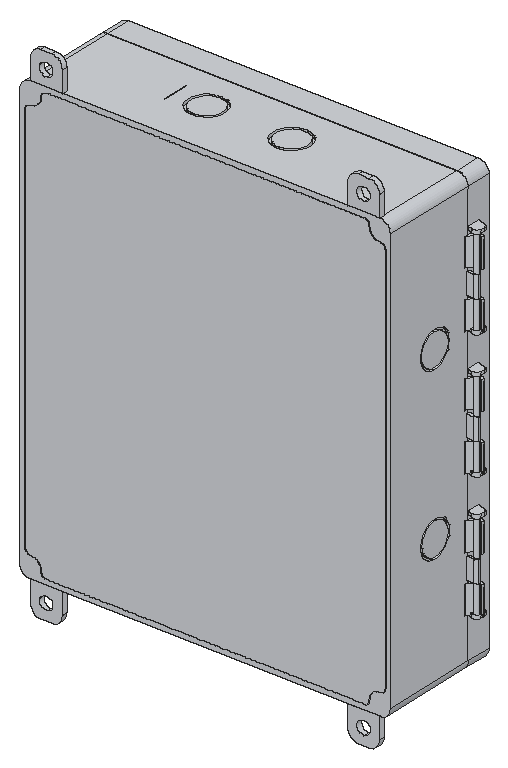
Revit family "Gas-Detectors_GSE-Generation-2-Standalone_Brasch", category Generic Models, Revit 2025
Family settings
  Can host rebar = No
  Round Connector Dimension = Use Diameter
  Part Type = Normal
  Work Plane-Based = No
  Always vertical = Yes
  Cut with Voids When Loaded = No
  Maintain Annotation Orientation = No
  Shared = No
  Room Calculation Point = No
Parameters (values of type "GSE2-ND, Nitrogen Dioxide Detector")
  WIDTH = 8.72"
  URL = "https://braschenvtech.com/"
  Specification = "https://www.arcat.com/company/brasch-environmental-technologies-52580/spec"
  Product Page URL = "https://www.arcat.com/company/brasch-environmental-technologies-52580"
  Material = Gray
  Manufacturer = "Brasch Environmental Technologies"  # constant formula
  Keynote = "28 42 15"
  Input Voltage = "24 VAC, 120 VAC"
  HEIGHT = 10.50"
  Default Elevation = 0.00"
  DEPTH = 2.90"
  Copyright = "@ARCAT"  # constant formula
  CAD Details = "https://www.arcat.com/company/brasch-environmental-technologies-52580/cad"
Types (5): name
  GSE2-CM, Carbon Monoxide Detector
  GSE2-ND, Nitrogen Dioxide Detector
  GSE2-OX, Oxygen Detector
  GSE2-NCM, Combination Detector, Nitrogen Dioxide and Carbon Monoxide
  GSE2, without any internal sensors
Reference planes (in)
  plane 1 "Center (Front/Back)": y = 0
  plane 2: z = 0
  plane 3 "Center (Left/Right)": x = 0
  plane 4: z = 0.3775
  plane 5: z = 0.4375
  plane 6: z = 0.4975
Forms (in)
  Extrusion 1, solid
    sketch origin (-4.37285, 0, 10.44843) x (0, 0, 1) y (-1, 0, 0)
      loop
        line (0.05157, -8.195) -> (0.05157, 0.025)
        arc (0.05157, 0.025) -> (-0.02165, 0.20178) -> (-0.19843, 0.275) r 0.25
        line (-0.19843, 0.275) -> (-10.19843, 0.275)
        arc (-10.19843, 0.275) -> (-10.37521, 0.20178) -> (-10.44843, 0.025) r 0.25
        line (-10.44843, 0.025) -> (-10.44843, -8.195)
        arc (-10.44843, -8.195) -> (-10.37521, -8.37178) -> (-10.19843, -8.445) r 0.25
        line (-10.19843, -8.445) -> (-0.19843, -8.445)
        arc (-0.19843, -8.445) -> (-0.02165, -8.37178) -> (0.05157, -8.195) r 0.25
      loop
        arc (-0.06843, -0.34997) -> (-0.10549, -0.26133) -> (-0.19462, -0.22546) r 0.12452
        arc (-0.19462, -0.22546) -> (-0.37407, -0.15113) -> (-0.44841, 0.02833) r 0.25379
        arc (-0.44841, 0.02833) -> (-0.48442, 0.1178) -> (-0.5734, 0.155) r 0.125
        line (-0.5734, 0.155) -> (-9.82346, 0.155)
        arc (-9.82346, 0.155) -> (-9.91244, 0.1178) -> (-9.94845, 0.02833) r 0.125
        arc (-9.94845, 0.02833) -> (-10.02279, -0.15113) -> (-10.20225, -0.22546) r 0.25379
        arc (-10.20225, -0.22546) -> (-10.29137, -0.26133) -> (-10.32843, -0.34997) r 0.12452
        line (-10.32843, -0.34997) -> (-10.32843, -7.82003)
        arc (-10.32843, -7.82003) -> (-10.29137, -7.90867) -> (-10.20225, -7.94454) r 0.12452
        arc (-10.20225, -7.94454) -> (-10.02279, -8.01887) -> (-9.94845, -8.19833) r 0.25379
        arc (-9.94845, -8.19833) -> (-9.91244, -8.2878) -> (-9.82346, -8.325) r 0.125
        line (-9.82346, -8.325) -> (-0.5734, -8.325)
        arc (-0.5734, -8.325) -> (-0.48442, -8.2878) -> (-0.44841, -8.19833) r 0.125
        arc (-0.44841, -8.19833) -> (-0.37407, -8.01887) -> (-0.19462, -7.94454) r 0.25379
        arc (-0.19462, -7.94454) -> (-0.10549, -7.90867) -> (-0.06843, -7.82003) r 0.12452
        line (-0.06843, -7.82003) -> (-0.06843, -0.34997)
    from 0 to -2.331
  Extrusion 2, solid
    sketch origin (0, 0, 0) x (1, 0, 0) y (0, 1, 0)
      loop
        line (4.1498, 2.38521) -> (4.07215, 2.276) -> (4.07215, 2.148)
        arc (4.07215, 2.148) -> (4.07469, 2.16427) -> (4.08205, 2.179) r 0.0535
        line (4.08205, 2.179) -> (4.20394, 2.35045)
        arc (4.20394, 2.35045) -> (4.25204, 2.37527) -> (4.30014, 2.35045) r 0.05902
        line (4.30014, 2.35045) -> (4.33643, 2.35045)
        arc (4.33643, 2.35045) -> (4.35667, 2.35809) -> (4.35724, 2.37971) r 0.01939
        arc (4.35724, 2.37971) -> (4.25498, 2.43774) -> (4.1498, 2.38521) r 0.125
    from 8.58333 to 9.25
  Extrusion 3, solid
    sketch origin (0, 0, -1.33333) x (1, 0, 0) y (0, 1, 0)
      loop
        line (4.1498, 2.38521) -> (4.07215, 2.276) -> (4.07215, 2.148)
        arc (4.07215, 2.148) -> (4.07469, 2.16427) -> (4.08205, 2.179) r 0.0535
        line (4.08205, 2.179) -> (4.20394, 2.35045)
        arc (4.20394, 2.35045) -> (4.25204, 2.37527) -> (4.30014, 2.35045) r 0.05902
        line (4.30014, 2.35045) -> (4.33643, 2.35045)
        arc (4.33643, 2.35045) -> (4.35667, 2.35809) -> (4.35724, 2.37971) r 0.01939
        arc (4.35724, 2.37971) -> (4.25498, 2.43774) -> (4.1498, 2.38521) r 0.125
    from 8.58333 to 9.25
  Extrusion 4, solid
    sketch origin (0, 0, -3) x (1, 0, 0) y (0, 1, 0)
      loop
        line (4.1498, 2.38521) -> (4.07215, 2.276) -> (4.07215, 2.148)
        arc (4.07215, 2.148) -> (4.07469, 2.16427) -> (4.08205, 2.179) r 0.0535
        line (4.08205, 2.179) -> (4.20394, 2.35045)
        arc (4.20394, 2.35045) -> (4.25204, 2.37527) -> (4.30014, 2.35045) r 0.05902
        line (4.30014, 2.35045) -> (4.33643, 2.35045)
        arc (4.33643, 2.35045) -> (4.35667, 2.35809) -> (4.35724, 2.37971) r 0.01939
        arc (4.35724, 2.37971) -> (4.25498, 2.43774) -> (4.1498, 2.38521) r 0.125
    from 8.58333 to 9.25
  Extrusion 5, solid
    sketch origin (0, 0, -4.33333) x (1, 0, 0) y (0, 1, 0)
      loop
        line (4.1498, 2.38521) -> (4.07215, 2.276) -> (4.07215, 2.148)
        arc (4.07215, 2.148) -> (4.07469, 2.16427) -> (4.08205, 2.179) r 0.0535
        line (4.08205, 2.179) -> (4.20394, 2.35045)
        arc (4.20394, 2.35045) -> (4.25204, 2.37527) -> (4.30014, 2.35045) r 0.05902
        line (4.30014, 2.35045) -> (4.33643, 2.35045)
        arc (4.33643, 2.35045) -> (4.35667, 2.35809) -> (4.35724, 2.37971) r 0.01939
        arc (4.35724, 2.37971) -> (4.25498, 2.43774) -> (4.1498, 2.38521) r 0.125
    from 8.58333 to 9.25
  Extrusion 6, solid
    sketch origin (0, 0, -6) x (1, 0, 0) y (0, 1, 0)
      loop
        line (4.1498, 2.38521) -> (4.07215, 2.276) -> (4.07215, 2.148)
        arc (4.07215, 2.148) -> (4.07469, 2.16427) -> (4.08205, 2.179) r 0.0535
        line (4.08205, 2.179) -> (4.20394, 2.35045)
        arc (4.20394, 2.35045) -> (4.25204, 2.37527) -> (4.30014, 2.35045) r 0.05902
        line (4.30014, 2.35045) -> (4.33643, 2.35045)
        arc (4.33643, 2.35045) -> (4.35667, 2.35809) -> (4.35724, 2.37971) r 0.01939
        arc (4.35724, 2.37971) -> (4.25498, 2.43774) -> (4.1498, 2.38521) r 0.125
    from 8.58333 to 9.25
  Extrusion 7, solid
    sketch origin (0, 0, -7.33333) x (1, 0, 0) y (0, 1, 0)
      loop
        line (4.1498, 2.38521) -> (4.07215, 2.276) -> (4.07215, 2.148)
        arc (4.07215, 2.148) -> (4.07469, 2.16427) -> (4.08205, 2.179) r 0.0535
        line (4.08205, 2.179) -> (4.20394, 2.35045)
        arc (4.20394, 2.35045) -> (4.25204, 2.37527) -> (4.30014, 2.35045) r 0.05902
        line (4.30014, 2.35045) -> (4.33643, 2.35045)
        arc (4.33643, 2.35045) -> (4.35667, 2.35809) -> (4.35724, 2.37971) r 0.01939
        arc (4.35724, 2.37971) -> (4.25498, 2.43774) -> (4.1498, 2.38521) r 0.125
    from 8.58333 to 9.25
  Extrusion 8, solid
    sketch origin (0, 0, 0) x (1, 0, 0) y (0, 1, 0)
      loop
        line (4.07215, 2.211) -> (4.27015, 2.211)
        arc (4.27015, 2.211) -> (4.31106, 2.21894) -> (4.34602, 2.24159) r 0.10938
        arc (4.34602, 2.24159) -> (4.3507, 2.26348) -> (4.33215, 2.276) r 0.02
        line (4.33215, 2.276) -> (4.30015, 2.276)
        arc (4.30015, 2.276) -> (4.25165, 2.25147) -> (4.20315, 2.276) r 0.0602
        line (4.20315, 2.276) -> (4.07215, 2.276) -> (4.07215, 2.211)
    from 7.99997 to 8.50003
  Extrusion 9, solid
    sketch origin (0, 0, -3) x (1, 0, 0) y (0, 1, 0)
      loop
        line (4.07215, 2.211) -> (4.27015, 2.211)
        arc (4.27015, 2.211) -> (4.31106, 2.21894) -> (4.34602, 2.24159) r 0.10938
        arc (4.34602, 2.24159) -> (4.3507, 2.26348) -> (4.33215, 2.276) r 0.02
        line (4.33215, 2.276) -> (4.30015, 2.276)
        arc (4.30015, 2.276) -> (4.25165, 2.25147) -> (4.20315, 2.276) r 0.0602
        line (4.20315, 2.276) -> (4.07215, 2.276) -> (4.07215, 2.211)
    from 7.99997 to 8.50003
  Extrusion 10, solid
    sketch origin (0, 0, -6) x (1, 0, 0) y (0, 1, 0)
      loop
        line (4.07215, 2.211) -> (4.27015, 2.211)
        arc (4.27015, 2.211) -> (4.31106, 2.21894) -> (4.34602, 2.24159) r 0.10938
        arc (4.34602, 2.24159) -> (4.3507, 2.26348) -> (4.33215, 2.276) r 0.02
        line (4.33215, 2.276) -> (4.30015, 2.276)
        arc (4.30015, 2.276) -> (4.25165, 2.25147) -> (4.20315, 2.276) r 0.0602
        line (4.20315, 2.276) -> (4.07215, 2.276) -> (4.07215, 2.211)
    from 7.99997 to 8.50003
  Extrusion 11, solid
    sketch origin (-4.1404, 0.12, 0.33138) x (0, 0, -1) y (-1, 0, 0)
      loop
        circle (-9.57553, -6.20256) r 0.14
      loop
        circle (-9.57553, -6.20256) r 0.05482
      loop
        circle (-9.57244, -1.5026) r 0.14
      loop
        circle (-9.57244, -1.5026) r 0.05482
      loop
        circle (-4.87594, -1.50149) r 0.14
      loop
        circle (-4.87594, -1.50149) r 0.05482
      loop
        circle (-4.87612, -6.20255) r 0.14
      loop
        circle (-4.87612, -6.20255) r 0.05482
    from 0 to 2.278
  Extrusion 12, solid
    sketch origin (-2.8954, 0.12, -3.98112) x (0, 0, -1) y (-1, 0, 0)
      loop
        circle (-4.87612, -6.20255) r 0.14
      loop
        circle (-4.87612, -6.20255) r 0.06853
      loop
        circle (-4.87612, -5.58255) r 0.14
      loop
        circle (-4.87612, -5.58255) r 0.06853
      loop
        circle (-4.87612, -2.91755) r 0.14
      loop
        circle (-4.87612, -2.91755) r 0.06853
      loop
        circle (-4.87612, -2.29755) r 0.14
      loop
        circle (-4.87612, -2.29755) r 0.06853
      loop
        circle (-4.87612, 0.98731) r 0.14
      loop
        circle (-4.87612, 0.98731) r 0.06853
      loop
        circle (-12.14112, 0.98745) r 0.14
      loop
        circle (-12.14112, 0.98745) r 0.06853
      loop
        circle (-12.14112, -6.20255) r 0.14
      loop
        circle (-12.14112, -6.20255) r 0.06853
      loop
        circle (-13.34612, -4.25005) r 0.14
      loop
        circle (-13.34612, -4.25005) r 0.06853
      loop
        circle (-13.34612, -0.96505) r 0.14
      loop
        circle (-13.34612, -0.96505) r 0.06853
      loop
        circle (-11.03862, -2.60755) r 0.14
      loop
        circle (-11.03862, -2.60755) r 0.06853
      loop
        circle (-9.48612, -0.96505) r 0.14
      loop
        circle (-9.48612, -0.96505) r 0.06853
      loop
        circle (-9.48612, -4.25005) r 0.14
      loop
        circle (-9.48612, -4.25005) r 0.06853
      loop
        circle (-9.88824, -6.211) r 0.14
      loop
        circle (-9.88824, -6.211) r 0.06853
      loop
        circle (-8.73612, -6.20255) r 0.14
      loop
        circle (-8.73612, -6.20255) r 0.06853
      loop
        circle (-8.73612, -5.58255) r 0.14
      loop
        circle (-8.73612, -5.58255) r 0.06853
      loop
        circle (-8.73612, -2.91755) r 0.14
      loop
        circle (-8.73612, -2.91755) r 0.06853
      loop
        circle (-8.73612, -2.29755) r 0.14
      loop
        circle (-8.73612, -2.29755) r 0.06853
      loop
        circle (-8.73612, 0.98745) r 0.14
      loop
        circle (-8.73612, 0.98745) r 0.06853
      loop
        circle (-9.93612, 0.98745) r 0.14
      loop
        circle (-9.93612, 0.98745) r 0.06853
    from 0 to 0.4
  Extrusion 13, solid
    sketch origin (-2.7504, 0.12, -4.27612) x (0, 0, -1) y (-1, 0, 0)
      loop
        circle (-4.87612, -6.20255) r 0.14
      loop
        circle (-4.87612, -6.20255) r 0.06853
      loop
        circle (-4.87612, 1.27745) r 0.14
      loop
        circle (-4.87612, 1.27745) r 0.06853
      loop
        circle (-14.17612, 1.27745) r 0.14
      loop
        circle (-14.17612, 1.27745) r 0.06853
      loop
        circle (-14.17612, -6.20255) r 0.14
      loop
        circle (-14.17612, -6.20255) r 0.06853
      loop
        circle (-9.52612, -2.46255) r 0.14
      loop
        circle (-9.52612, -2.46255) r 0.06853
    from 0 to 0.2
  Extrusion 14, solid
    sketch origin (1.94394, 0.7353, 5.1325) x (0, 1, 0) y (-1, 0, 0)
      loop
        line (-0.6153, 0.44574) -> (-0.6153, 0.00939) -> (-0.01296, 0.00939) -> (-0.6153, 0.44574)
      loop
        line (0, 4.46357) -> (-0.6153, 4.46357) -> (-0.6153, 4.01783) -> (0, 4.46357)
    from 0 to 0.15
  Extrusion 15, solid
    sketch origin (1.94393, 0.7353, 9.8315) x (0, 1, 0) y (-1, 0, 0)
      loop
        line (-0.6153, 0.44574) -> (-0.6153, 0.00939) -> (-0.01296, 0.00939) -> (-0.6153, 0.44574)
      loop
        line (0, 4.46357) -> (-0.6153, 4.46357) -> (-0.6153, 4.01783) -> (0, 4.46357)
    from 0 to 0.15
  Extrusion 16, solid
    sketch origin (-2.56285, 0.7353, 5.32572) x (0, 0, -1) y (0, 1, 0)
      loop
        line (0, 0) -> (-0.44574, -0.6153) -> (0, -0.6153) -> (0, 0)
      loop
        line (-4.46357, -0.6153) -> (-4.01683, -0.6153) -> (-4.46357, 0.00138) -> (-4.46357, -0.6153)
    from 0 to -0.15
  Extrusion 17, solid
    sketch origin (2.13635, 0.7353, 5.32572) x (0, 0, -1) y (0, 1, 0)
      loop
        line (0, 0) -> (-0.44574, -0.6153) -> (0, -0.6153) -> (0, 0)
      loop
        line (-4.46357, -0.6153) -> (-4.01683, -0.6153) -> (-4.46357, 0.00138) -> (-4.46357, -0.6153)
    from 0 to -0.15
  Extrusion 18, solid
    sketch origin (-4.1404, 0.12, 0.33138) x (0, 0, -1) y (-1, 0, 0)
      loop
        line (-10.04862, -0.11752) -> (-10.04862, -7.58759)
        arc (-10.04862, -7.58759) -> (-10.01156, -7.67622) -> (-9.92244, -7.7121) r 0.12452
        arc (-9.92244, -7.7121) -> (-9.74298, -7.78643) -> (-9.66864, -7.96589) r 0.25379
        arc (-9.66864, -7.96589) -> (-9.63263, -8.05535) -> (-9.54366, -8.09256) r 0.125
        line (-9.54366, -8.09256) -> (-0.29359, -8.09256)
        arc (-0.29359, -8.09256) -> (-0.20461, -8.05535) -> (-0.1686, -7.96589) r 0.125
        arc (-0.1686, -7.96589) -> (-0.09427, -7.78643) -> (0.08519, -7.7121) r 0.25379
        arc (0.08519, -7.7121) -> (0.17432, -7.67622) -> (0.21138, -7.58759) r 0.12452
        line (0.21138, -7.58759) -> (0.21138, -0.11752)
        arc (0.21138, -0.11752) -> (0.17432, -0.02889) -> (0.08519, 0.00698) r 0.12452
        arc (0.08519, 0.00698) -> (-0.09427, 0.08132) -> (-0.1686, 0.26078) r 0.25379
        arc (-0.1686, 0.26078) -> (-0.20461, 0.35024) -> (-0.29359, 0.38744) r 0.125
        line (-0.29359, 0.38744) -> (-9.54366, 0.38744)
        arc (-9.54366, 0.38744) -> (-9.63263, 0.35024) -> (-9.66864, 0.26078) r 0.125
        arc (-9.66864, 0.26078) -> (-9.74298, 0.08132) -> (-9.92244, 0.00698) r 0.25379
        arc (-9.92244, 0.00698) -> (-10.01156, -0.02889) -> (-10.04862, -0.11752) r 0.12452
    from 0 to -0.12
  Extrusion 19, solid
    sketch origin (-4.1404, 0.12, 0.33138) x (0, 0, -1) y (-1, 0, 0)
      loop
        line (0.83138, 0.25744) -> (0.33138, 0.25744) -> (0.33138, -0.49256) -> (0.83138, -0.49256)
        arc (0.83138, -0.49256) -> (1.00815, -0.41933) -> (1.08138, -0.24256) r 0.25
        line (1.08138, -0.24256) -> (1.08138, 0.00744)
        arc (1.08138, 0.00744) -> (1.00815, 0.18422) -> (0.83138, 0.25744) r 0.25
      loop
        line (0.83138, -7.21256) -> (0.33138, -7.21256) -> (0.33138, -7.96256) -> (0.83138, -7.96256)
        arc (0.83138, -7.96256) -> (1.00815, -7.88933) -> (1.08138, -7.71256) r 0.25
        line (1.08138, -7.71256) -> (1.08138, -7.46256)
        arc (1.08138, -7.46256) -> (1.00815, -7.28578) -> (0.83138, -7.21256) r 0.25
      loop
        circle (0.70638, -0.11756) r 0.16
      loop
        circle (0.70638, -7.58756) r 0.16
      loop
        arc (-10.66862, 0.25744) -> (-10.8454, 0.18422) -> (-10.91862, 0.00744) r 0.25
        line (-10.91862, 0.00744) -> (-10.91862, -0.24256)
        arc (-10.91862, -0.24256) -> (-10.8454, -0.41933) -> (-10.66862, -0.49256) r 0.25
        line (-10.66862, -0.49256) -> (-10.16862, -0.49256) -> (-10.16862, 0.25744) -> (-10.66862, 0.25744)
      loop
        arc (-10.66862, -7.21256) -> (-10.8454, -7.28578) -> (-10.91862, -7.46256) r 0.25
        line (-10.91862, -7.46256) -> (-10.91862, -7.71256)
        arc (-10.91862, -7.71256) -> (-10.8454, -7.88933) -> (-10.66862, -7.96256) r 0.25
        line (-10.66862, -7.96256) -> (-10.16862, -7.96256) -> (-10.16862, -7.21256) -> (-10.66862, -7.21256)
      loop
        circle (-10.54362, -0.11756) r 0.16
      loop
        circle (-10.54362, -7.58756) r 0.16
    from 0 to -0.12
  Extrusion 20, void
    sketch origin (-4.64785, 0, 10.25) x (0, 0, 1) y (0, -1, 0)
      loop
        circle (-3, -1.3) r 0.4375
      loop
        circle (-3, -1.3) r 0.375
      loop
        circle (-7.00175, -1.30665) r 0.4375
      loop
        circle (-7.00175, -1.30665) r 0.375
    from 0 to 0.066
  Extrusion 21, void
    sketch origin (4.07215, 0, 10.25) x (0, 0, 1) y (0, 1, 0)
      loop
        circle (-3, 1.3) r 0.4375
      loop
        circle (-3, 1.3) r 0.375
      loop
        circle (-7.00175, 1.30665) r 0.4375
      loop
        circle (-7.00175, 1.30665) r 0.375
    from 0 to 0.066
  Extrusion 22, void
    sketch origin (3.82215, 0, 10.5) x (0, -1, 0) y (-1, 0, 0)
      loop
        circle (-1.3, 3.11) r 0.4375
      loop
        circle (-1.3, 3.11) r 0.375
      loop
        circle (-1.3, 5.11) r 0.4375
      loop
        circle (-1.3, 5.11) r 0.375
    from 0 to 0.066
  Extrusion 23, void
    sketch origin (3.82215, 0, 0) x (1, 0, 0) y (0, 1, 0)
      loop
        circle (-4.11, 1.3) r 0.4375
      loop
        circle (-4.11, 1.3) r 0.375
      loop
        circle (-6.11, 1.3) r 0.4375
      loop
        circle (-6.11, 1.3) r 0.375
      loop
        circle (-2.11, 1.3) r 0.4375
      loop
        circle (-2.11, 1.3) r 0.375
    from 0 to 0.066
  Extrusion 24, void
    sketch origin (-4.1404, 0.12, 0.33138) x (0, 0, 1) y (-1, 0, 0)
      loop
        circle (9.91862, -7.96256) r 0.095
      loop
        circle (9.91862, 0.25744) r 0.095
      loop
        circle (-0.08138, 0.25744) r 0.095
      loop
        circle (-0.08138, -7.96256) r 0.095
    from 0 to -2.211
  Extrusion 25, void
    sketch origin (-4.1404, 0.12, 0.33138) x (0, 0, 1) y (-1, 0, 0)
      loop
        arc (0.11752, -7.96526) -> (0.1677, -8.08884) -> (0.2908, -8.14017) r 0.17328
        line (0.2908, -8.14017) -> (9.53397, -8.14017)
        arc (9.53397, -8.14017) -> (9.65805, -8.08761) -> (9.70665, -7.96192) r 0.17276
        arc (9.70665, -7.96192) -> (9.76671, -7.81193) -> (9.91574, -7.74951) r 0.20912
        arc (9.91574, -7.74951) -> (10.05002, -7.70032) -> (10.10658, -7.56896) r 0.18083
        line (10.10658, -7.56896) -> (10.10658, -0.1171)
        arc (10.10658, -0.1171) -> (10.06269, 0.00019) -> (9.95259, 0.05987) r 0.17868
        arc (9.95259, 0.05987) -> (9.79087, 0.1073) -> (9.72085, 0.2606) r 0.2028
        arc (9.72085, 0.2606) -> (9.67059, 0.38594) -> (9.54602, 0.43809) r 0.17486
        line (9.54602, 0.43809) -> (0.29665, 0.43809)
        arc (0.29665, 0.43809) -> (0.17157, 0.3861) -> (0.12017, 0.26078) r 0.17649
        arc (0.12017, 0.26078) -> (0.06099, 0.11654) -> (-0.08244, 0.05543) r 0.20536
        arc (-0.08244, 0.05543) -> (-0.20825, 0.00618) -> (-0.26095, -0.11821) r 0.1741
        line (-0.26095, -0.11821) -> (-0.26095, -7.58775)
        arc (-0.26095, -7.58775) -> (-0.20934, -7.71155) -> (-0.08507, -7.76202) r 0.17428
        arc (-0.08507, -7.76202) -> (0.05822, -7.82177) -> (0.11752, -7.96526) r 0.20324
      loop
        line (-0.33138, 0.25744) -> (-0.33138, -7.96256)
        arc (-0.33138, -7.96256) -> (-0.25815, -8.13933) -> (-0.08138, -8.21256) r 0.25
        line (-0.08138, -8.21256) -> (9.91862, -8.21256)
        arc (9.91862, -8.21256) -> (10.0954, -8.13933) -> (10.16862, -7.96256) r 0.25
        line (10.16862, -7.96256) -> (10.16862, 0.25744)
        arc (10.16862, 0.25744) -> (10.0954, 0.43422) -> (9.91862, 0.50744) r 0.25
        line (9.91862, 0.50744) -> (-0.08138, 0.50744)
        arc (-0.08138, 0.50744) -> (-0.25815, 0.43422) -> (-0.33138, 0.25744) r 0.25
    from -2.156 to -2.211
Cuts and joins
  Extrusion 20, Extrusion 21, Extrusion 22, Extrusion 23, Extrusion 24, Extrusion 25 cuts Extrusion 1
  Extrusion 25 cuts Extrusion 19
Dimensions and locks (in)
  locked: plane 4 to level at 0.3775
  plane 6 to plane 5 to plane 4 = 0.06" locked, 0.06" locked
  aligned and locked: plane 2 to level
Nested families (in)
  nested 1: "GSE2 lid" at (-0.00781, 2.77818, 0), type "GSE2 lid"
Definition of nested family "GSE2 lid"
  Parameters (values of type "GSE2 lid")
    Default Elevation = 0.00"
  Reference planes (in)
    plane 1 "Center (Front/Back)": y = 0
    plane 2: z = 0
    plane 3 "Center (Left/Right)": x = 0
  Forms (in)
    Extrusion 1, solid
      sketch origin (-3.43, 0.11, 0.7) x (0, 0, -1) y (-1, 0, 0)
        loop
          line (0.7, -7.26) -> (0.7, 0.96)
          arc (0.7, 0.96) -> (0.62678, 1.13678) -> (0.45, 1.21) r 0.25
          line (0.45, 1.21) -> (-9.55, 1.21)
          arc (-9.55, 1.21) -> (-9.72678, 1.13678) -> (-9.8, 0.96) r 0.25
          line (-9.8, 0.96) -> (-9.8, -7.26)
          arc (-9.8, -7.26) -> (-9.72678, -7.43678) -> (-9.55, -7.51) r 0.25
          line (-9.55, -7.51) -> (0.45, -7.51)
          arc (0.45, -7.51) -> (0.62678, -7.43678) -> (0.7, -7.26) r 0.25
        loop
          arc (0.48, 0.58503) -> (0.19365, 0.70365) -> (0.07503, 0.99) r 0.40497
          line (0.07503, 0.99) -> (-9.17503, 0.99)
          arc (-9.17503, 0.99) -> (-9.29365, 0.70365) -> (-9.58, 0.58503) r 0.40497
          line (-9.58, 0.58503) -> (-9.58, -6.88503)
          arc (-9.58, -6.88503) -> (-9.29365, -7.00365) -> (-9.17503, -7.29) r 0.40497
          line (-9.17503, -7.29) -> (0.07503, -7.29)
          arc (0.07503, -7.29) -> (0.19365, -7.00365) -> (0.48, -6.88503) r 0.40497
          line (0.48, -6.88503) -> (0.48, 0.58503)
      from 0 to -0.61
    Extrusion 2, solid
      sketch origin (-3.43, 0.11, 0.7) x (0, 0, -1) y (-1, 0, 0)
        loop
          line (0.07503, 0.99) -> (-9.17503, 0.99)
          arc (-9.17503, 0.99) -> (-9.29365, 0.70365) -> (-9.58, 0.58503) r 0.40497
          line (-9.58, 0.58503) -> (-9.58, -6.88503)
          arc (-9.58, -6.88503) -> (-9.29365, -7.00365) -> (-9.17503, -7.29) r 0.40497
          line (-9.17503, -7.29) -> (0.07503, -7.29)
          arc (0.07503, -7.29) -> (0.19365, -7.00365) -> (0.48, -6.88503) r 0.40497
          line (0.48, -6.88503) -> (0.48, 0.58503)
          arc (0.48, 0.58503) -> (0.19365, 0.70365) -> (0.07503, 0.99) r 0.40497
        loop
          arc (-6.732, -2.1335) -> (-6.75045, -2.08895) -> (-6.795, -2.0705) r 0.063
          line (-6.795, -2.0705) -> (-7.519, -2.0705)
          arc (-7.519, -2.0705) -> (-7.56355, -2.08895) -> (-7.582, -2.1335) r 0.063
          line (-7.582, -2.1335) -> (-7.582, -4.1665)
          arc (-7.582, -4.1665) -> (-7.56355, -4.21105) -> (-7.519, -4.2295) r 0.063
          line (-7.519, -4.2295) -> (-6.795, -4.2295)
          arc (-6.795, -4.2295) -> (-6.75045, -4.21105) -> (-6.732, -4.1665) r 0.063
          line (-6.732, -4.1665) -> (-6.732, -2.1335)
        loop
          arc (-6.353, -6.193) -> (-6.29, -6.13) -> (-6.353, -6.067) r 0.063
          line (-6.353, -6.067) -> (-7.353, -6.067)
          arc (-7.353, -6.067) -> (-7.416, -6.13) -> (-7.353, -6.193) r 0.063
          line (-7.353, -6.193) -> (-6.353, -6.193)
        loop
          circle (-6.833, -4.65) r 0.125
        loop
          circle (-6.283, -4.13) r 0.125
        loop
          circle (-6.283, -3.48) r 0.125
        loop
          circle (-6.283, -2.82) r 0.125
        loop
          circle (-6.283, -2.17) r 0.125
        loop
          circle (-6.833, -1.65) r 0.125
        loop
          circle (-7.483, -1.65) r 0.125
        loop
          circle (-8.033, -2.17) r 0.125
        loop
          circle (-8.033, -4.13) r 0.125
        loop
          circle (-7.483, -4.65) r 0.125
      from 0 to -0.11
    Extrusion 3, void
      sketch origin (-3.43, 0.11, 0.7) x (0, 0, -1) y (-1, 0, 0)
        loop
          line (-9.17396, -7.345) -> (0.07503, -7.345)
          arc (0.07503, -7.345) -> (0.13236, -7.32126) -> (0.1561, -7.26393) r 0.08107
          arc (0.1561, -7.26393) -> (0.25319, -7.04324) -> (0.47998, -6.96138) r 0.30599
          arc (0.47998, -6.96138) -> (0.51645, -6.93752) -> (0.535, -6.8981) r 0.08
          line (0.535, -6.8981) -> (0.535, 0.5981)
          arc (0.535, 0.5981) -> (0.51645, 0.63752) -> (0.47998, 0.66138) r 0.08
          arc (0.47998, 0.66138) -> (0.25319, 0.74324) -> (0.1561, 0.96393) r 0.30599
          arc (0.1561, 0.96393) -> (0.13236, 1.02126) -> (0.07503, 1.045) r 0.08107
          line (0.07503, 1.045) -> (-9.17396, 1.045)
          arc (-9.17396, 1.045) -> (-9.23128, 1.02126) -> (-9.25503, 0.96393) r 0.08107
          arc (-9.25503, 0.96393) -> (-9.35212, 0.74324) -> (-9.57891, 0.66138) r 0.30599
          arc (-9.57891, 0.66138) -> (-9.61947, 0.6324) -> (-9.635, 0.58503) r 0.08
          line (-9.635, 0.58503) -> (-9.635, -6.88503)
          arc (-9.635, -6.88503) -> (-9.61947, -6.9324) -> (-9.57891, -6.96138) r 0.08
          arc (-9.57891, -6.96138) -> (-9.35212, -7.04324) -> (-9.25503, -7.26393) r 0.30599
          arc (-9.25503, -7.26393) -> (-9.23128, -7.32126) -> (-9.17396, -7.345) r 0.08107
        loop
          arc (0.07611, -7.445) -> (0.18268, -7.41006) -> (0.24788, -7.31879) r 0.18
          arc (0.24788, -7.31879) -> (0.31568, -7.1246) -> (0.50987, -7.05681) r 0.23668
          arc (0.50987, -7.05681) -> (0.60673, -6.98353) -> (0.635, -6.8654) r 0.18
          line (0.635, -6.8654) -> (0.635, 0.5654)
          arc (0.635, 0.5654) -> (0.60673, 0.68353) -> (0.50987, 0.75681) r 0.18
          arc (0.50987, 0.75681) -> (0.31568, 0.8246) -> (0.24788, 1.01879) r 0.23668
          arc (0.24788, 1.01879) -> (0.18268, 1.11006) -> (0.07611, 1.145) r 0.18
          line (0.07611, 1.145) -> (-9.17503, 1.145)
          arc (-9.17503, 1.145) -> (-9.28161, 1.11006) -> (-9.34681, 1.01879) r 0.18
          arc (-9.34681, 1.01879) -> (-9.4146, 0.8246) -> (-9.60879, 0.75681) r 0.23668
          arc (-9.60879, 0.75681) -> (-9.70006, 0.69161) -> (-9.735, 0.58503) r 0.18
          line (-9.735, 0.58503) -> (-9.735, -6.88503)
          arc (-9.735, -6.88503) -> (-9.70006, -6.99161) -> (-9.60879, -7.05681) r 0.18
          arc (-9.60879, -7.05681) -> (-9.4146, -7.1246) -> (-9.34681, -7.31879) r 0.23668
          arc (-9.34681, -7.31879) -> (-9.28161, -7.41006) -> (-9.17503, -7.445) r 0.18
          line (-9.17503, -7.445) -> (0.07611, -7.445)
      from -0.61 to -0.512
    Extrusion 4, void
      sketch origin (-3.43, 0.11, 0.7) x (0, 0, -1) y (-1, 0, 0)
        loop
          circle (0.45, -7.26) r 0.0705
        loop
          circle (0.45, 0.96) r 0.0705
        loop
          circle (-9.55, 0.96) r 0.0705
        loop
          circle (-9.55, -7.26) r 0.0705
      from -0.04 to -0.61
    Extrusion 5, solid
      sketch origin (4.225, -0.40438, 1.2375) x (1, 0, 0) y (0, 1, 0)
        loop
          line (0.08715, 0.11037) -> (-0.145, 0.20438) -> (-0.145, -0.09562) -> (-0.00253, -0.15331)
          arc (-0.00253, -0.15331) -> (0.09089, -0.14355) -> (0.135, -0.06062) r 0.1
          line (0.135, -0.06062) -> (0.135, 0.03938)
          arc (0.135, 0.03938) -> (0.12192, 0.08218) -> (0.08715, 0.11037) r 0.07659
      from 0 to 0.075
    Extrusion 6, solid
      sketch origin (4.225, -0.40438, 3.3475) x (1, 0, 0) y (0, 1, 0)
        loop
          line (0.08715, 0.11037) -> (-0.145, 0.20438) -> (-0.145, -0.09562) -> (-0.00253, -0.15331)
          arc (-0.00253, -0.15331) -> (0.09089, -0.14355) -> (0.135, -0.06062) r 0.1
          line (0.135, -0.06062) -> (0.135, 0.03938)
          arc (0.135, 0.03938) -> (0.12192, 0.08218) -> (0.08715, 0.11037) r 0.07659
      from 0.01 to 0.085
    Extrusion 7, solid
      sketch origin (4.225, -0.40438, 1.2375) x (1, 0, 0) y (0, 1, 0)
        loop
          circle (0.03503, -0.06062) r 0.06027
      from 0.075 to 2.12
    Extrusion 8, solid
      sketch origin (4.225, -0.40438, 4.2375) x (1, 0, 0) y (0, 1, 0)
        loop
          line (0.08715, 0.11037) -> (-0.145, 0.20438) -> (-0.145, -0.09562) -> (-0.00253, -0.15331)
          arc (-0.00253, -0.15331) -> (0.09089, -0.14355) -> (0.135, -0.06062) r 0.1
          line (0.135, -0.06062) -> (0.135, 0.03938)
          arc (0.135, 0.03938) -> (0.12192, 0.08218) -> (0.08715, 0.11037) r 0.07659
      from 0 to 0.075
    Extrusion 9, solid
      sketch origin (4.225, -0.40438, 6.3475) x (1, 0, 0) y (0, 1, 0)
        loop
          line (0.08715, 0.11037) -> (-0.145, 0.20438) -> (-0.145, -0.09562) -> (-0.00253, -0.15331)
          arc (-0.00253, -0.15331) -> (0.09089, -0.14355) -> (0.135, -0.06062) r 0.1
          line (0.135, -0.06062) -> (0.135, 0.03938)
          arc (0.135, 0.03938) -> (0.12192, 0.08218) -> (0.08715, 0.11037) r 0.07659
      from 0.01 to 0.085
    Extrusion 10, solid
      sketch origin (4.225, -0.40438, 4.2375) x (1, 0, 0) y (0, 1, 0)
        loop
          circle (0.03503, -0.06062) r 0.06027
      from 0.075 to 2.12
    Extrusion 11, solid
      sketch origin (4.225, -0.40438, 7.2375) x (1, 0, 0) y (0, 1, 0)
        loop
          line (0.08715, 0.11037) -> (-0.145, 0.20438) -> (-0.145, -0.09562) -> (-0.00253, -0.15331)
          arc (-0.00253, -0.15331) -> (0.09089, -0.14355) -> (0.135, -0.06062) r 0.1
          line (0.135, -0.06062) -> (0.135, 0.03938)
          arc (0.135, 0.03938) -> (0.12192, 0.08218) -> (0.08715, 0.11037) r 0.07659
      from 0 to 0.075
    Extrusion 12, solid
      sketch origin (4.225, -0.40438, 9.3475) x (1, 0, 0) y (0, 1, 0)
        loop
          line (0.08715, 0.11037) -> (-0.145, 0.20438) -> (-0.145, -0.09562) -> (-0.00253, -0.15331)
          arc (-0.00253, -0.15331) -> (0.09089, -0.14355) -> (0.135, -0.06062) r 0.1
          line (0.135, -0.06062) -> (0.135, 0.03938)
          arc (0.135, 0.03938) -> (0.12192, 0.08218) -> (0.08715, 0.11037) r 0.07659
      from 0.01 to 0.085
    Extrusion 13, solid
      sketch origin (4.225, -0.40438, 7.2375) x (1, 0, 0) y (0, 1, 0)
        loop
          circle (0.03503, -0.06062) r 0.06027
      from 0.075 to 2.12
  Cuts and joins
    Extrusion 3, Extrusion 4 cuts Extrusion 1
  Dimensions and locks (in)
    aligned and locked: plane 2 to level
